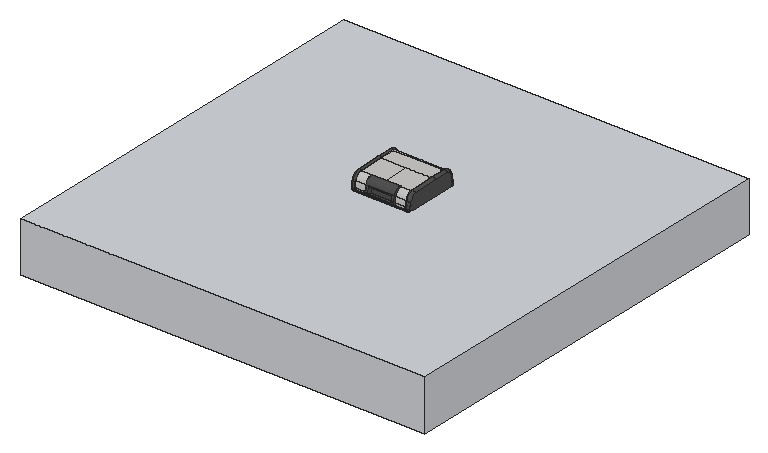
Revit family
Parameters (values of type "B-7128 208-240V")
  Warranty Duration (Years) = 0
  Unit Width = 1' - 1 25/32"
  Unit Height = 1' - 1 19/32"
  Unit Depth = 0' - 4"
  URL = "http://www.bobrick.com/Pages/default.aspx"
  Trim = Enamel - Bobrick - Black
  Test Data = ""
  Specification = ""
  SpecWizard = ""
  Send Message = "http://www.arcat.com/users.pl?action=UserEmail&company=Bobrick+Washroom+Equipment,+Inc.&coid=30988&rep=156&fax=818-503-1930&mf="
  Sales Information = "http://www.bobrick.com/Pages/ContactUs.aspx"
  Revision = "R1_10_2012"
  Product Properties = ""
  Product Data = "http://arcat.com/arcatcos/cos30/arc30988.html?isac=1&r=1"
  Mounting Height [instance] = 3' - 0"
  Model = "B-7128 208-240V"
  Manufacturer Website = "http://www.bobrick.com/Pages/default.aspx"
  Manufacturer Phone - Toll Free = ""
  Manufacturer Phone = "818-764-1000"
  Manufacturer Fax = "818-503-1930"
  Manufacturer Address = "11611 Hart St. North Hollywood, CA 91605-5882"
  Manufacturer = "Bobrick Washroom Equipment, Inc."
  Maintenance Schedule (Months) = 0
  Keynote = "102813"
  Installation-Fabrication = "http://www.bobrick.com/washroomaccessories/Pages/WashroomAccessories.aspx"
  Installation Phase = ""
  Cover = Stainless Steel Bobrick
  Green Building-LEED = ""
  Expected Lifespan (Years) = 0
  Drawn By = "Sumex Design, Inc. / Robert S. Weygant, CSI, CDT, SCIP"
  Description = "Bobrick B-7128 208-240V TrimLine Surface Mounted Automatic Hand Dryer"
  Default Elevation = 4' - 0"
  Copyright = "©Arcat Inc."
  Construction Details = ""
  Building Codes = ""
  Assembly Code = "E1090900"
Types (4): name | Model | Cover | Description
  B-7128 208-240V | "B-7128 208-240V" | Stainless Steel Bobrick | "Bobrick B-7128 208-240V TrimLine Surface Mounted Automatic Hand Dryer"
  B-7128 115V | "B-7128 115V" | Stainless Steel Bobrick | "Bobrick B-7128 115V TrimLine Surface Mounted Automatic Hand Dryer"
  B-7120 208-240V | "B-7120 208-240V" | Paint-Bobrick-White | "Bobrick B-7120 208-240V TrimLine Surface Mounted Automatic Hand Dryer"
  B-7120 115V | "B-7120 115V" | Paint-Bobrick-White | "Bobrick B-7120 115V TrimLine Surface Mounted Automatic Hand Dryer"
Reference planes (in)
  plane 1 "Center (Front/Back)": y = 5.29199
  plane 2: z = 0
  plane 3 "Center (Left/Right)": x = 0
  plane 4: x = -6.89062
  plane 5: x = 6.89063
  plane 6: z = 4
  plane 7: y = 12.08886
  plane 8: y = -1.50489
  plane 9 "FF": y = -37.50489
Forms (in)
  Extrusion 1, solid
    sketch origin (0, 0, 0) x (1, 0, 0) y (0, 1, 0)
      loop
        line (-48, 48) -> (-48, -48) -> (48, -48) -> (48, 48) -> (-48, 48)
    from 0 to -12
  Extrusion 2, solid, material "Stainless Steel Bobrick" <- "Cover"
    sketch origin (0, 0, 0) x (0, 1, 0) y (0, 0, 1)
      loop
        line (11.82841, 0) -> (12.08886, 0.25751) -> (12.07612, 0.97972)
        arc (12.07612, 0.97972) -> (12.00796, 1.76232) -> (11.83244, 2.52803) r 5.67825
        arc (11.83244, 2.52803) -> (11.66405, 2.92) -> (11.41335, 3.26518) r 1.9222
        arc (11.41335, 3.26518) -> (11.18368, 3.49101) -> (10.93082, 3.69052) r 2.95786
        arc (10.93082, 3.69052) -> (10.46763, 3.91829) -> (9.9568, 3.99231) r 1.65538
        line (9.9568, 3.99231) -> (6.51206, 3.94882)
        arc (6.51206, 3.94882) -> (3.59372, 3.88281) -> (0.67728, 3.75848) r 146.05514
        arc (0.67728, 3.75848) -> (-0.55004, 3.28995) -> (-1.27215, 2.19251) r 2.13936
        arc (-1.27215, 2.19251) -> (-1.42517, 1.49631) -> (-1.50291, 0.78775) r 6.65995
        arc (-1.50291, 0.78775) -> (-1.45831, 0.37578) -> (-1.28367, 0) r 1.27218
        line (-1.28367, 0) -> (11.82841, 0)
    from -6.89063 to 6.89062
  Extrusion 3, void
    sketch origin (0, 0, 0) x (1, 0, 0) y (0, 1, 0)
      loop
        line (-3.42312, -1.55404) -> (3.42312, -1.55404) -> (3.42312, 0.12243)
        arc (3.42312, 0.12243) -> (3.29727, 0.42627) -> (2.99344, 0.55212) r 0.42969
        line (2.99344, 0.55212) -> (-2.99188, 0.55212)
        arc (-2.99188, 0.55212) -> (-3.29682, 0.42581) -> (-3.42312, 0.12088) r 0.43124
        line (-3.42312, 0.12088) -> (-3.42312, -1.55404)
    from 0.25751 to 12
  Sweep 4, void
    path origin (0, 0, 0.03906) x (0, 1, 0) y (0, 0, 1)
      loop
        line (-0.43842, -1.23917) -> (-1.28367, 0)
        arc (-1.28367, 0) -> (-1.45831, 0.37578) -> (-1.50291, 0.78775) r 1.27218
        arc (-1.50291, 0.78775) -> (-1.42555, 1.49824) -> (-1.27215, 2.19627) r 6.62864
        arc (-1.27215, 2.19627) -> (-0.54894, 3.29122) -> (0.67728, 3.75848) r 2.14073
        arc (0.67728, 3.75848) -> (3.59372, 3.88276) -> (6.51206, 3.94882) r 146.30313
        line (6.51206, 3.94882) -> (9.94632, 3.99218)
        arc (9.94632, 3.99218) -> (10.46664, 3.91615) -> (10.93769, 3.68245) r 1.67389
        arc (10.93769, 3.68245) -> (11.18438, 3.48638) -> (11.40881, 3.26518) r 2.95786
        arc (11.40881, 3.26518) -> (11.6595, 2.92) -> (11.82789, 2.52803) r 1.9222
        arc (11.82789, 2.52803) -> (12.00341, 1.76232) -> (12.07157, 0.97972) r 5.67825
        line (12.07157, 0.97972) -> (12.09695, -0.45832)
    profile origin (0, 8.22919, 4.00957) x (0, -0.012624, 0.99992) y (1, 0, 0)
      loop
        line (0.27893, 0) -> (0.27893, 7.22009) -> (-1.03675, 7.22009) -> (-1.03675, 6.89063) -> (-0.53575, 6.89063)
        arc (-0.53575, 6.89063) -> (-0.23441, 6.66233) -> (-0.05061, 6.33196) r 0.91809
        arc (-0.05061, 6.33196) -> (-0.07826, 6.14111) -> (-0.20668, 5.99726) r 0.3344
        line (-0.20668, 5.99726) -> (-0.25194, 5.99726) -> (-0.25194, 0) -> (0.27893, 0)
  Sweep 5, void
    path origin (0, 0, 0.03906) x (0, 1, 0) y (0, 0, -1)
      loop
        line (-0.43842, 1.23917) -> (-1.28367, 0)
        arc (-1.28367, 0) -> (-1.45831, -0.37578) -> (-1.50291, -0.78775) r 1.27218
        arc (-1.50291, -0.78775) -> (-1.42555, -1.49824) -> (-1.27215, -2.19627) r 6.62864
        arc (-1.27215, -2.19627) -> (-0.54894, -3.29122) -> (0.67728, -3.75848) r 2.14073
        arc (0.67728, -3.75848) -> (3.59372, -3.88276) -> (6.51206, -3.94882) r 146.30313
        line (6.51206, -3.94882) -> (9.94632, -3.99218)
        arc (9.94632, -3.99218) -> (10.46664, -3.91615) -> (10.93769, -3.68245) r 1.67389
        arc (10.93769, -3.68245) -> (11.18438, -3.48638) -> (11.40881, -3.26518) r 2.95786
        arc (11.40881, -3.26518) -> (11.6595, -2.92) -> (11.82789, -2.52803) r 1.9222
        arc (11.82789, -2.52803) -> (12.00341, -1.76232) -> (12.07157, -0.97972) r 5.67825
        line (12.07157, -0.97972) -> (12.09695, 0.45832)
    profile origin (0, 8.22919, 4.00957) x (0, 0.012624, -0.99992) y (-1, 0, 0)
      loop
        line (-0.27893, 0) -> (0.25194, 0) -> (0.25194, 5.99726) -> (0.20668, 5.99726)
        arc (0.20668, 5.99726) -> (0.07826, 6.14111) -> (0.05061, 6.33196) r 0.3344
        arc (0.05061, 6.33196) -> (0.23441, 6.66233) -> (0.53575, 6.89063) r 0.91809
        line (0.53575, 6.89063) -> (1.03675, 6.89063) -> (1.03675, 7.22009) -> (-0.27893, 7.22009) -> (-0.27893, 0)
  Extrusion 6, solid, material "Enamel - Bobrick - Black" <- "Trim"
    sketch origin (0, 0, 0) x (0, 1, 0) y (0, 0, 1)
      loop
        line (-1.24186, 0.06758) -> (-1.19576, 0) -> (11.82841, 0) -> (12.03532, 0.20457) -> (12.03309, 0.33116) -> (-1.37804, 0.33116)
        arc (-1.37804, 0.33116) -> (-1.31798, 0.19522) -> (-1.24186, 0.06758) r 1.22157
    from -6.33196 to 6.33196
  Extrusion 7, solid, material "Enamel - Bobrick - Black" <- "Trim"
    sketch origin (0, 0, 0) x (0, 1, 0) y (0, 0, 1)
      loop
        arc (-1.3903, 0.8778) -> (-1.36863, 0.59672) -> (-1.274, 0.33116) r 1.0655
        line (-1.274, 0.33116) -> (0.55212, 0.33116) -> (0.55212, 3.65095)
        arc (0.55212, 3.65095) -> (-0.53079, 3.21703) -> (-1.1667, 2.23896) r 1.93267
        arc (-1.1667, 2.23896) -> (-1.31497, 1.56437) -> (-1.3903, 0.8778) r 6.45326
    from -3.42312 to 3.42312
  Extrusion 8, void
    sketch origin (-15.51989, -1.50489, 48) x (1, 0, 0) y (0, 0, 1)
      loop
        line (12.75867, -45.96125) -> (12.75867, -47.46125) -> (18.3291, -47.46125) -> (18.3291, -45.96125) -> (12.75867, -45.96125)
    from -0.90749 to 0
Cuts and joins
  Extrusion 3, Sweep 4, Sweep 5, Extrusion 8 cuts Extrusion 2
  Extrusion 8 cuts Extrusion 7
Dimensions and locks (in)
  "Unit Depth": plane 6 to level
  equal spacing: plane 4, plane 3 "Center (Left/Right)", plane 5
  "Unit Width": plane 4 to plane 5
  equal spacing: plane 7, plane 1 "Center (Front/Back)", plane 8
  "Unit Height": plane 7 to plane 8
  "Mounting Height": plane 8 to plane 9 "FF"
  aligned and locked: plane 2 to Extrusion 1
  aligned and locked: level to Extrusion 1
  aligned and locked: Extrusion 8 to plane 8
Automatic sketch dimensions
  Extrusion 1 sketch curve to Extrusion 1 sketch curve = 8' - 0"  (x2)
  Extrusion 2 sketch curve to level = 0' - 0"
  Extrusion 2 sketch curve to plane 7 = 0' - 0"
  Extrusion 2 sketch curve to plane 7 = 0' - 0.01274"
  Extrusion 2 sketch curve to plane 7 = 0' - 0.25642"
  Extrusion 2 sketch curve to Extrusion 2 sketch curve = 0' - 0"  (x6)
  Extrusion 2 sketch curve to plane 7 = 0' - 0.26045"
  Extrusion 2 sketch curve to plane 7 = 0' - 0.67551"
  Extrusion 2 sketch curve to plane 6 = 0' - 0.30948"
  Extrusion 2 sketch curve to Extrusion 2 sketch curve = 0' - 0.48253"
  Extrusion 2 sketch curve to Extrusion 2 sketch curve = 0' - 1.83941"
  Extrusion 2 sketch curve to Extrusion 2 sketch curve = 0' - 0.01533"
  Extrusion 2 sketch curve to plane 6 = 0' - 0.00769"
  Extrusion 2 sketch curve to Extrusion 2 sketch curve = 0' - 0.97402"
  Extrusion 2 sketch curve to Extrusion 2 sketch curve = 0' - 0.76525"
  Extrusion 2 sketch curve to plane 1 "Center (Front/Back)" = 0' - 3.06385"
  Extrusion 2 sketch curve to plane 6 = 0' - 0.05118"
  Extrusion 2 sketch curve to plane 1 "Center (Front/Back)" = 0' - 1.22007"
  level to Extrusion 2 sketch curve = 0' - 0.87953"
  plane 1 "Center (Front/Back)" to Extrusion 2 sketch curve = 0' - 0.14529"
  plane 8 to Extrusion 2 sketch curve = 0' - 2.29464"
  Extrusion 2 sketch curve to Extrusion 2 sketch curve = 0' - 0.11247"
  plane 8 to Extrusion 2 sketch curve = 0' - 1.27218"
  Extrusion 2 sketch curve to Extrusion 2 sketch curve = 0' - 1.03944"
  plane 8 to Extrusion 2 sketch curve = 0' - 0.22121"
  plane 8 to Extrusion 2 sketch curve = 0' - 0.00198"
  level to Extrusion 2 sketch curve = 0' - 0.25751"
  Extrusion 3 sketch curve to plane 8 = 0' - 0.04915"
  Extrusion 3 sketch curve to plane 3 "Center (Left/Right)" = 0' - 3.42312"
  Extrusion 3 sketch curve to Extrusion 3 sketch curve = 0' - 0.43124"
  plane 3 "Center (Left/Right)" to Extrusion 3 sketch curve = 0' - 2.99344"
  Extrusion 3 sketch curve to Extrusion 3 sketch curve = 0' - 0 55/128"
  plane 8 to Extrusion 3 sketch curve = 0' - 1.62577"
  plane 8 to Sweep 4 sketch curve = 0' - 0.00198"
  Sweep 4 sketch curve to Sweep 4 sketch curve = 0' - 0"  (x5)
  level to Sweep 4 sketch curve = 0' - 0 5/128"
  plane 8 to Sweep 4 sketch curve = 0' - 0.22121"
  plane 8 to Sweep 4 sketch curve = 0' - 0.23274"
  plane 8 to Sweep 4 sketch curve = 0' - 1.06647"
  level to Sweep 4 sketch curve = 0' - 0.75594"
  Sweep 4 sketch curve to Sweep 4 sketch curve = 0' - 1.05097"
  Sweep 4 sketch curve to plane 6 = 0' - 0.20246"
  plane 8 to Sweep 4 sketch curve = 0' - 2.18217"
  Sweep 4 sketch curve to Sweep 4 sketch curve = 0' - 1.02246"
  Sweep 4 sketch curve to plane 1 "Center (Front/Back)" = 0' - 1.10222"
  Sweep 4 sketch curve to plane 6 = 0' - 0.01211"
  Sweep 4 sketch curve to plane 1 "Center (Front/Back)" = 0' - 1.22007"
  level to Sweep 4 sketch curve = 0' - 1.31121"
  Sweep 4 sketch curve to Sweep 4 sketch curve = 0' - 2.82903"
  plane 6 to Sweep 4 sketch curve = 0' - 0 1/32"
  Sweep 4 sketch curve to plane 7 = 0' - 2.14254"
  Sweep 4 sketch curve to Sweep 4 sketch curve = 0' - 0.74422"
  Sweep 4 sketch curve to Sweep 4 sketch curve = 0' - 0.02103"
  Sweep 4 sketch curve to plane 6 = 0' - 0.27849"
  Sweep 4 sketch curve to Sweep 4 sketch curve = 0' - 0.99136"
  Sweep 4 sketch curve to Sweep 4 sketch curve = 0' - 0.47112"
  Sweep 4 sketch curve to plane 7 = 0' - 0.26097"
  Sweep 4 sketch curve to plane 7 = 0' - 0.01729"
  plane 7 to Sweep 4 sketch curve = 0' - 0.00809"
  Sweep 4 sketch curve to level = 0' - 1.20011"
  Sweep 4 sketch curve to level = 0' - 0.41926"
  Sweep 4 sketch curve to profile plane = 0' - 0"
  profile plane to Sweep 4 sketch curve = 0' - 1.03675"
  Sweep 4 sketch curve to Sweep 4 sketch curve = 0' - 0.10914"
  Sweep 4 sketch curve to Sweep 4 sketch curve = 0' - 0.501"
  profile plane to Sweep 4 sketch curve = 0' - 0.38133"
  profile plane to Sweep 4 sketch curve = 0' - 0.25194"
  Sweep 4 sketch curve to Sweep 4 sketch curve = 0' - 0.04526"
  profile plane to Sweep 4 sketch curve = 0' - 0.05061"
  Sweep 4 sketch curve to profile plane = 0' - 0.27893"
  profile plane to Sweep 4 sketch curve = 0' - 5.99726"
  Sweep 4 sketch curve to Sweep 4 sketch curve = 0' - 0.0631"
  Sweep 4 sketch curve to Sweep 4 sketch curve = 0' - 0 73/256"
  Sweep 4 sketch curve to Sweep 4 sketch curve = 0' - 0.32947"
  plane 8 to Sweep 5 sketch curve = 0' - 0.00198"
  Sweep 5 sketch curve to Sweep 5 sketch curve = 0' - 0"  (x5)
  level to Sweep 5 sketch curve = 0' - 0 5/128"
  plane 8 to Sweep 5 sketch curve = 0' - 0.22121"
  plane 8 to Sweep 5 sketch curve = 0' - 0.23274"
  plane 8 to Sweep 5 sketch curve = 0' - 1.06647"
  level to Sweep 5 sketch curve = 0' - 0.75594"
  Sweep 5 sketch curve to Sweep 5 sketch curve = 0' - 1.05097"
  Sweep 5 sketch curve to plane 6 = 0' - 0.20246"
  plane 8 to Sweep 5 sketch curve = 0' - 2.18217"
  Sweep 5 sketch curve to Sweep 5 sketch curve = 0' - 1.02246"
  Sweep 5 sketch curve to plane 1 "Center (Front/Back)" = 0' - 1.10222"
  Sweep 5 sketch curve to plane 6 = 0' - 0.01211"
  Sweep 5 sketch curve to plane 1 "Center (Front/Back)" = 0' - 1.22007"
  level to Sweep 5 sketch curve = 0' - 1.31121"
  Sweep 5 sketch curve to Sweep 5 sketch curve = 0' - 2.82903"
  plane 6 to Sweep 5 sketch curve = 0' - 0 1/32"
  Sweep 5 sketch curve to plane 7 = 0' - 2.14254"
  Sweep 5 sketch curve to Sweep 5 sketch curve = 0' - 0.74422"
  Sweep 5 sketch curve to Sweep 5 sketch curve = 0' - 0.02103"
  Sweep 5 sketch curve to plane 6 = 0' - 0.27849"
  Sweep 5 sketch curve to Sweep 5 sketch curve = 0' - 0.99136"
  Sweep 5 sketch curve to Sweep 5 sketch curve = 0' - 0.47112"
  Sweep 5 sketch curve to plane 7 = 0' - 0.26097"
  Sweep 5 sketch curve to plane 7 = 0' - 0.01729"
  plane 7 to Sweep 5 sketch curve = 0' - 0.00809"
  Sweep 5 sketch curve to level = 0' - 0.41926"
  Sweep 5 sketch curve to level = 0' - 1.20011"
  Sweep 5 sketch curve to profile plane = 0' - 0"
  profile plane to Sweep 5 sketch curve = 0' - 0.27893"
  Sweep 5 sketch curve to profile plane = 0' - 0.05061"
  Sweep 5 sketch curve to profile plane = 0' - 0.20668"
  Sweep 5 sketch curve to Sweep 5 sketch curve = 0' - 0.04526"
  Sweep 5 sketch curve to Sweep 5 sketch curve = 0' - 0.12938"
  Sweep 5 sketch curve to profile plane = 0' - 0.53575"
  Sweep 5 sketch curve to Sweep 5 sketch curve = 0' - 0.54629"
  Sweep 5 sketch curve to Sweep 5 sketch curve = 0' - 0.501"
  profile plane to Sweep 5 sketch curve = 0' - 5.99726"
  Sweep 5 sketch curve to Sweep 5 sketch curve = 0' - 0.0631"
  Sweep 5 sketch curve to Sweep 5 sketch curve = 0' - 0 73/256"
  Sweep 5 sketch curve to Sweep 5 sketch curve = 0' - 0.32947"
  Extrusion 6 sketch curve to level = 0' - 0"
  plane 8 to Extrusion 6 sketch curve = 0' - 0.12685"
  level to Extrusion 6 sketch curve = 0' - 0.06758"
  plane 8 to Extrusion 6 sketch curve = 0' - 0.26303"
  Extrusion 6 sketch curve to Extrusion 6 sketch curve = 0' - 0.0461"
  Extrusion 6 sketch curve to Extrusion 6 sketch curve = 0' - 1.00915"
  Extrusion 6 sketch curve to plane 7 = 0' - 0.26045"
  Extrusion 6 sketch curve to plane 7 = 0' - 0.05578"
  Extrusion 6 sketch curve to plane 7 = 0' - 0.05354"
  level to Extrusion 6 sketch curve = 0' - 0.20457"
  Extrusion 6 sketch curve to Extrusion 6 sketch curve = 0' - 0.26357"
  plane 8 to Extrusion 7 sketch curve = 0' - 0.11459"
  Extrusion 7 sketch curve to Extrusion 7 sketch curve = 0' - 0"  (x2)
  plane 8 to Extrusion 7 sketch curve = 0' - 0.23089"
  plane 8 to Extrusion 7 sketch curve = 0' - 0.33819"
  level to Extrusion 7 sketch curve = 0' - 0.33116"
  plane 1 "Center (Front/Back)" to Extrusion 7 sketch curve = 0' - 0.23904"
  level to Extrusion 7 sketch curve = 0' - 0.5183"
  Extrusion 7 sketch curve to Extrusion 7 sketch curve = 0' - 0.87858"
  Extrusion 7 sketch curve to plane 6 = 0' - 0.34905"
  Extrusion 7 sketch curve to Extrusion 7 sketch curve = 0' - 0.14389"
  plane 3 "Center (Left/Right)" to Extrusion 8 sketch curve = 0' - 2.80921"
  level to Extrusion 8 sketch curve = 0' - 0.53875"
  Extrusion 8 sketch curve to plane 3 "Center (Left/Right)" = 0' - 2.76122"
  Extrusion 8 sketch curve to Extrusion 8 sketch curve = 0' - 1 1/2"
